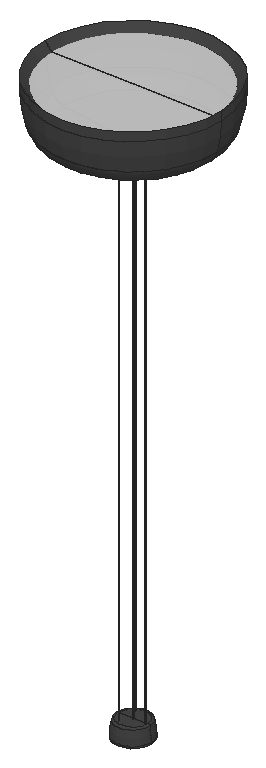
Revit family "3097941 Lighting Fixture_Sylvania_Nephos LED_Ceiling Pendant", category Lighting Fixtures, host Face, Revit 2017
Family settings
  Host = Face
  Round Connector Dimension = Use Diameter
  Part Type = Normal
  OmniClass Number = 23.80.70.11.17
  OmniClass Title = Specialized Lighting by Location or Use
  Cut with Voids When Loaded = No
  Light Source = Yes
  Shared = No
  Room Calculation Point = No
Parameters (values of type "NEPHOS 600 LED V2 GLOSS BLACK NW DALI")
  Rod Length = Mounting Height - Height - 57.0 mm  # 1743.0 mm
  Radius = 300.0 mm
  Mounting Material = Steel_Sylvania_Nephos_Silver
  Mounting Height = 2000.0 mm
  Mounting Radius = 62.0 mm  # constant formula
  Life = "50 000h"  # constant formula
  LOR = "100%"
  IP Rating = "IP20"  # constant formula
  Weight = 4.97 kg
  Wattage = 41.7059 W
  built-in parameter 1150110 = 1 (stored number, unit not read)
  Voltage Comments = "UNV (Universal Voltage; 220-240 Volt)"  # constant formula
  Voltage = 230 V  # constant formula
  URL = "http://www.sylvania-lighting.com"
  built-in parameter 1114217 = 1 (stored number, unit not read)
  Tilt Angle = -90°
  built-in parameter 1150109 = 1 (stored number, unit not read)
  built-in parameter 1150134 = 12
  built-in parameter 1150113 = 1 (stored number, unit not read)
  Product Page URL = "http://www.sylvania-lighting.com/product/en-int/products/3097941"
  Product Family = "NEPHOS"  # constant formula
  Photometry Comments = ""
  Photometric Web File = "3097941_NEPHOS600LEDV2GLOSSBLACKNWDALI-209138.ies"
  Height = 200.0 mm
  Glow Wire Test = 650 °C
  Emit from Circle Diameter = Diameter - 10.0 mm  # 590.0 mm
  Emit Shape Visible in Rendering = no
  Electrical Protection = "Class I"  # constant formula
  Drive Current = "700mA"  # constant formula
  Diffuser Radius = Radius - 5.0 mm  # 295.0 mm
  Diffuser Material = Polycarbonate_Sylvania_Nephos_Opal
  Diameter = 2 * Radius  # 600.0 mm
  built-in parameter 1114216 [instance] = 1 (stored number, unit not read)
  Model = "NEPHOS 600 LED V2 GLOSS BLACK NW DALI"
  Manufacturer = "Feilo Sylvania"
  built-in parameter 1150105 = 759.69 (stored number, unit not read)
  Lumens = 2127 lm
  built-in parameter 1150115 = 1 (stored number, unit not read)
  built-in parameter 1150137 = (empty or 0)
  built-in parameter 1150139 = (empty or 0)
  built-in parameter 1150112 = 1 (stored number, unit not read)
  built-in parameter 1150114 = 1 (stored number, unit not read)
  Lamp = "Integrated LED"
  built-in parameter 1150132 = 2
  built-in parameter 1150102 = (empty or 0)
  built-in parameter 1150107 = 4000 (stored number, unit not read)
  built-in parameter 1150138 = (empty or 0)
  built-in parameter 1150106 = 7.5969 (stored number, unit not read)
  CRI ( Ra ) = 85  # constant formula
  Body Material = Aluminium_Sylvania_Nephos_Black
  built-in parameter 1150104 = 4.7381 (stored number, unit not read)
  Dimming Lamp Color Temperature Shift = <None>
  Description = "High-end and decorative LED pendant with a contemporary curved design. Available in gloss black and gloss white colour finishes to suit either a high brightness reception, or an ambient lounge space. Diffused (direct) light provides a soft and ambient lighting effect. Perfect for hospitality and residential applications; can be used in restaurants, bars, reception areas or lounge spaces. Aluminium housing material. 600mm diameter. Delivers up to 1340lm (4000K luminaire lumen output). Available in 3000K and 4000K colour temperatures. DALI dimmable options. 25W. LED technology provides energy efficient solution and reduced maintenance costs. 50,000 hour life. Adjustable 2000mm suspension cable"  # constant formula
  Default Elevation = 0.0 mm
  Color Filter = 16777215
  Catalog Number = "3097941 NEPHOS 600 LED V2 GLOSS BLACK NW DALI"
  built-in parameter 1140040 [instance] = 1
  built-in parameter 1114218 = 1 (stored number, unit not read)
  built-in parameter 1150133 = 10 (stored number, unit not read)
  Assembly Code = "D5020200"
  Apparent Load Comments = ""
  Apparent Load = 24 VA
Reference planes
  plane 1 "Center (Front/Back)": y = 0
  plane 2: z = 0
  plane 3 "Center (Left/Right)": x = 0
  plane 4 "Mounting Bottom": z = 57
  plane 5: z = 1800
  plane 6 "Fixture Bottom": z = 2000
  plane 7 "Diffuser Plane": z = 1975
  plane 8: z = 1820
  plane 9: z = 1870
  plane 10: z = 1970
  plane 11: z = 47
Forms (mm)
  Revolve 1, solid, material "Aluminium_Sylvania_Nephos_Black" <- "Body Material", detail levels fine
    sketch origin (0, 0, 0) x (1, 0, 0) y (0, 0, 1)
      loop
        line (-300, 2000) -> (-300, 1970)
        arc (-300, 1970) -> (-296.229, 1919.441) -> (-285, 1870) r 340.833
        arc (-285, 1870) -> (-268.025, 1840.027) -> (-240, 1820) r 79.807
        arc (-240, 1820) -> (-135.475, 1805.011) -> (-30, 1800) r 1112.5
        line (-30, 1800) -> (0, 1800) -> (0, 1805) -> (-30, 1805)
        arc (-30, 1805) -> (-134.731, 1809.963) -> (-238.523, 1824.808) r 1107.5
        arc (-238.523, 1824.808) -> (-264.485, 1843.568) -> (-280.22, 1871.467) r 74.807
        arc (-280.22, 1871.467) -> (-291.284, 1920.182) -> (-295, 1970) r 335.833
        line (-295, 1970) -> (-295, 1975) -> (-275, 1975) -> (-300, 2000)
      axis (0, 2000) -> (0, 1800)
    angle from 0 to 360
  Revolve 2, solid, material "Polycarbonate_Sylvania_Nephos_Opal" <- "Diffuser Material", detail levels fine
    sketch origin (0, 0, 0) x (1, 0, 0) y (0, 0, 1)
      loop
        line (0, 1975) -> (-295, 1975) -> (-295, 1970) -> (0, 1970) -> (0, 1975)
      axis (0, 1975) -> (0, 1970)
    angle from 0 to 360
  Revolve 3, solid, material "Aluminium_Sylvania_Nephos_Black" <- "Body Material", detail levels fine
    sketch origin (0, 0, 0) x (1, 0, 0) y (0, 0, 1)
      loop
        line (0, 57) -> (-50.541, 57)
        arc (-50.541, 57) -> (-54.527, 55.484) -> (-56.499, 51.702) r 6
        arc (-56.499, 51.702) -> (-60.62, 28.512) -> (-62, 5) r 201.008
        line (-62, 5) -> (-62, 0) -> (0, 0) -> (0, 57)
      axis (0, 57) -> (0, 0)
    angle from 0 to 360
  Extrusion 4, solid, material "Aluminium_Sylvania_Nephos_Black" <- "Body Material", detail levels fine
    sketch origin (0, 0, 0) x (1, 0, 0) y (0, 1, 0)
      loop
        circle (0, 0) r 2
    from 57 to 1800
  Revolve 5, solid, material "Aluminium_Sylvania_Nephos_Black" <- "Body Material", detail levels coarse+medium
    sketch origin (0, 0, 0) x (1, 0, 0) y (0, 0, 1)
      loop
        line (-300, 2000) -> (-300, 1970)
        arc (-300, 1970) -> (-296.229, 1919.441) -> (-285, 1870) r 340.833
        arc (-285, 1870) -> (-268.025, 1840.027) -> (-240, 1820) r 79.807
        arc (-240, 1820) -> (-135.475, 1805.011) -> (-30, 1800) r 1112.5
        line (-30, 1800) -> (0, 1800) -> (0, 2000) -> (-300, 2000)
      axis (0, 2000) -> (0, 1800)
    angle from 0 to 360
Lines and regions (mm)
  model lines
    curve 1: line (0, 0, 1800) -> (0, 0, 0)
Dimensions and locks
  locked: plane 4 "Mounting Bottom" to plane 2 at 57
  "Radius": plane 3 "Center (Left/Right)" to Revolve 1 sketch curve
  locked: Revolve 1 sketch curve to Revolve 1 sketch curve at 25
  locked: Revolve 1 sketch curve to Revolve 1 sketch curve at 15
  locked: Revolve 1 sketch curve to Revolve 1 sketch curve at 60
  "Diffuser Radius": plane 3 "Center (Left/Right)" to Revolve 2 sketch curve
  "Mounting Height": plane 6 "Fixture Bottom" to plane 2
  "Mounting Radius": plane 3 "Center (Left/Right)" to Revolve 3 sketch curve
  Revolve 3 sketch curve to Revolve 3 sketch curve to Revolve 3 sketch curve = 5.959 mm locked, 5.501 mm locked
  locked: Revolve 3 sketch curve to Revolve 3 sketch curve at 5.298
  locked: plane 4 "Mounting Bottom" to plane 11 at 10
  locked: Revolve 1 sketch curve to Revolve 1 sketch curve at 270
  locked: Revolve 5 sketch curve to Revolve 5 sketch curve at 15
  locked: Revolve 5 sketch curve to Revolve 5 sketch curve at 60
  locked: Revolve 5 sketch curve to Revolve 5 sketch curve at 270
  "Radius": plane 3 "Center (Left/Right)" to Revolve 5 sketch curve
  "Height": plane 6 "Fixture Bottom" to plane 5
  locked: plane 6 "Fixture Bottom" to plane 7 "Diffuser Plane" at 25
  plane 10 to plane 9 to plane 8 to plane 5 = 100.0 mm locked, 50.0 mm locked, 20.0 mm locked
  aligned and locked: plane 2 to host face
  aligned and locked: level to host face
  aligned and locked: plane 1 "Center (Front/Back)" to imposter light
  aligned and locked: plane 3 "Center (Left/Right)" to imposter light
  aligned and locked: Revolve 1 sketch curve to plane 3 "Center (Left/Right)"
  aligned and locked: plane 7 "Diffuser Plane" to Revolve 2 sketch curve
  aligned and locked: Revolve 2 sketch curve to plane 10
  aligned and locked: Revolve 2 sketch curve to plane 3 "Center (Left/Right)"
  aligned and locked: plane 4 "Mounting Bottom" to Revolve 3 sketch curve
  aligned and locked: Revolve 3 sketch curve to plane 3 "Center (Left/Right)"  (x2)
  aligned and locked: Extrusion 4 to plane 4 "Mounting Bottom"
  aligned and locked: plane 5 to Extrusion 4
  aligned and locked: plane 6 "Fixture Bottom" to imposter light
  aligned and locked: plane 5 to nested 1  (x2)
  aligned and locked: nested 1 to plane 1 "Center (Front/Back)"
  aligned and locked: nested 1 to plane 5
  aligned and locked: plane 5 to nested 2
  aligned and locked: plane 5 to nested 3
  aligned and locked: Revolve 5 sketch curve to plane 6 "Fixture Bottom"
  aligned and locked: plane 2 to curve 1
  aligned and locked: plane 5 to curve 1
  aligned and locked: curve 1 to plane 3 "Center (Left/Right)"
Automatic sketch dimensions
  host sketch curve to host sketch curve = 1305.563 mm
  host sketch curve to host sketch curve = 1283.632 mm
  plane 1 "Center (Front/Back)" to Extrusion 4 sketch curve = 0.0 mm
  Extrusion 4 sketch curve to plane 3 "Center (Left/Right)" = 0.0 mm
  Revolve 1 sketch curve to Revolve 1 sketch curve = 0.0 mm  (x7)
  Revolve 1 sketch curve to plane 7 "Diffuser Plane" = 0.0 mm
  Revolve 1 sketch curve to plane 10 = 0.0 mm
  Revolve 1 sketch curve to plane 9 = 0.0 mm  (x2)
  Revolve 1 sketch curve to plane 3 "Center (Left/Right)" = 0.0 mm
  Revolve 1 sketch curve to plane 5 = 0.0 mm
  Revolve 1 sketch curve to plane 8 = 0.0 mm
  Revolve 1 sketch curve to plane 6 "Fixture Bottom" = 0.0 mm
  Revolve 1 sketch curve to Revolve 1 sketch curve = 5.0 mm
  plane 5 to Revolve 1 sketch curve = 5.0 mm
  Revolve 1 sketch curve to Revolve 1 sketch curve = 135.894 mm
  Revolve 1 sketch curve to Revolve 1 sketch curve = 84.106 mm
  Revolve 2 sketch curve to plane 3 "Center (Left/Right)" = 0.0 mm
  plane 9 to Revolve 2 sketch curve = 25.416 mm
  plane 6 "Fixture Bottom" to Revolve 2 sketch curve = 55.416 mm
  Revolve 3 sketch curve to level = 0.0 mm
  level to Revolve 3 sketch curve = 5.0 mm
  Revolve 3 sketch curve to Revolve 3 sketch curve = 34.616 mm
  Revolve 3 sketch curve to Revolve 3 sketch curve = 68.384 mm
  Revolve 5 sketch curve to plane 9 = 0.0 mm  (x2)
  Revolve 5 sketch curve to plane 3 "Center (Left/Right)" = 0.0 mm  (x2)
  Revolve 5 sketch curve to plane 10 = 0.0 mm
  Revolve 5 sketch curve to plane 5 = 0.0 mm
  Revolve 5 sketch curve to plane 8 = 0.0 mm
  Revolve 5 sketch curve to plane 5 = 135.894 mm
  Revolve 5 sketch curve to Revolve 5 sketch curve = 84.106 mm
  radius of Extrusion 4 sketch curve = 2.0 mm
Nested families
  nested 1: "Mounting" at (41.499, 0, 1800) x (1, 0, 0) z (0, 0, -1), type "Mounting"
    with Rod Length 1743.0 mm
  nested 2: "Mounting" at (-20.75, 35.94, 1800) x (-0.5, 0.866, 0) z (0, 0, -1), type "Mounting"
    with Rod Length 1743.0 mm
  nested 3: "Mounting" at (-20.75, -35.94, 1800) x (-0.5, -0.866, 0) z (0, 0, -1), type "Mounting"
    with Rod Length 1743.0 mm
Connectors
  electrical at (0, 0, 0), driven by "Voltage", driven by "Apparent Load"
    settings: on Revolve 3, index 1, voltage 230 V, apparent load 0 VA, apparent load phase1 24 VA, apparent load phase2 0 VA, apparent load phase3 0 VA, power factor 1, load classification "Lighting", number of poles 1, system type 31, power factor state 1, is connector primary yes, connector utility no, sub classification motor no, connector description ""
Definition of nested family "Mounting"
  Parameters
    Rod Length = 1243.0 mm
    Mounting Material = none
    Default Elevation = 0.0 mm
  Reference planes
    plane 1 "Center (Front/Back)": y = 0
    plane 2: z = 0
    plane 3 "Center (Left/Right)": x = 0
    plane 4: y = 0
    plane 5: z = 1243
    plane 6: z = 6
  Forms (mm)
    Extrusion 1, solid, material <- "Mounting Material", detail levels fine
      sketch origin (0, 0, 0) x (1, 0, 0) y (0, 1, 0)
        loop
          circle (0, 0) r 0.5
      from 6 to 1243
    Extrusion 2, solid, material <- "Mounting Material", detail levels fine
      sketch origin (0, 0, 0) x (1, 0, 0) y (0, 1, 0)
        loop
          circle (0, 0) r 1.5
      from 0 to 6
  Dimensions and locks
    locked: plane 6 to plane 2 at 6
    "Rod Length": plane 5 to plane 2
    aligned and locked: level to plane 2
    aligned and locked: plane 5 to Extrusion 1
    aligned and locked: plane 6 to Extrusion 2
    aligned and locked: Extrusion 2 to plane 2
    aligned and locked: Extrusion 1 to plane 6
    aligned and locked: plane 1 "Center (Front/Back)" to plane 4
  Automatic sketch dimensions
    Extrusion 1 sketch curve to plane 3 "Center (Left/Right)" = 0.0 mm
    plane 4 to Extrusion 1 sketch curve = 0.0 mm
    Extrusion 2 sketch curve to plane 3 "Center (Left/Right)" = 0.0 mm
    plane 4 to Extrusion 2 sketch curve = 0.0 mm
    radius of Extrusion 1 sketch curve = 0.5 mm
    radius of Extrusion 2 sketch curve = 1.5 mm
